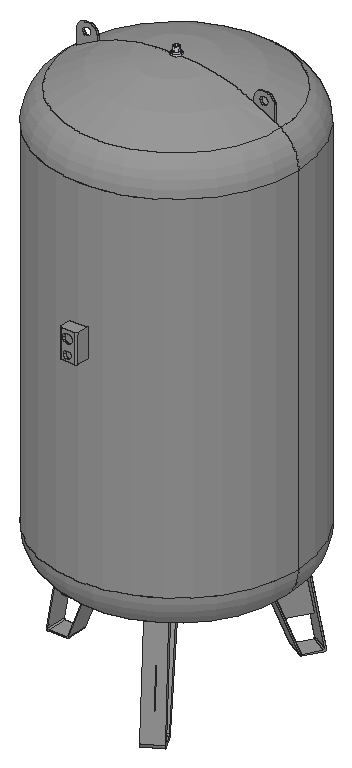
Revit family "WRV 3000", category Оборудование, Revit 2014
Parameters
  Описание = "Мембранный бак для отопления V=3000л, Py=10бар, 2 1/2\""
  Материал = Красная краска
  Масса кг = "550"
  Комментарии к типоразмеру = "WRV 3000"
  Изготовитель = "WESTER"  # constant formula
  URL = "http://www.wester.su/"
Reference planes
  plane 1 "По центру (Вперед/Назад)": y = 0
  plane 2: z = 0
  plane 3 "По центру (Влево/Вправо)": x = 0
Forms (mm)
  Revolve 1, solid, material "Красная краска" <- "Материал"
    sketch origin (161.5, 0, 805.958) x (0, 0, 1) y (-1, 0, 0)
      loop
        line (-425.943, 161.5) -> (1919.057, 161.5)
        arc (1919.057, 161.5) -> (1881.186, 429.145) -> (1770.084, 675.568) r 958.356
        arc (1770.084, 675.568) -> (1702.97, 738.608) -> (1613.786, 761.51) r 185.097
        line (1613.786, 761.51) -> (-139.973, 761.51)
        arc (-139.973, 761.51) -> (-229.129, 738.616) -> (-296.224, 675.599) r 185.046
        arc (-296.224, 675.599) -> (-375.755, 520.718) -> (-425.943, 354) r 958.052
        line (-425.943, 354) -> (-425.943, 161.5)
      axis (-425.943, 161.5) -> (1919.057, 161.5)
    angle from 0 to 360
  Revolve 2, solid, material "Красная краска" <- "Материал"
    sketch origin (0, 0, 619.543) x (-1, 0, 0) y (0, 0, -1)
      loop
        line (0, 239.527) -> (192.5, 239.527) -> (192.5, 254.559) -> (166.016, 254.559) -> (166.016, 262.543) -> (192.5, 262.543) -> (192.5, 274.559) -> (40.592, 274.559) -> (40.592, 324.559) -> (36.068, 324.559) -> (36.068, 274.516) -> (0, 274.516) -> (0, 239.527)
      axis (0, 324.559) -> (0, 239.527)
    angle from 0 to 360
  Revolve 3, solid
    sketch origin (0, 0, 2073.511) x (1, 0, 0) y (0, 0, 1)
      loop
        line (-13.204, 684.49) -> (-13.204, 663) -> (-18.475, 663) -> (-18.475, 656.503) -> (-23.985, 656.503) -> (-23.985, 651.489) -> (0, 651.489) -> (0, 653.751) -> (-7.729, 653.751) -> (-9.298, 655.32) -> (-9.298, 686.489) -> (-11.205, 686.489) -> (-13.204, 684.49)
      axis (0, 686.489) -> (0, 651.489)
    angle from 0 to 360
  Extrusion 4, solid, material "Красная краска" <- "Материал"
    sketch origin (0, -96.875, 0) x (1, 0, 0) y (0, 1, 0)
      loop
        line (42.5, -557.824) -> (42.5, -492.347) -> (-42.5, -492.347) -> (-42.5, -557.824)
        arc (-42.5, -557.824) -> (-39.571, -564.895) -> (-32.5, -567.824) r 10
        line (-32.5, -567.824) -> (32.5, -567.824)
        arc (32.5, -567.824) -> (39.571, -564.895) -> (42.5, -557.824) r 10
    from 1660 to 1798
  Extrusion 5, void
    sketch origin (0, 0, 620) x (1, 0, 0) y (0, 0, 1)
      loop
        circle (0, 1139.927) r 25
      loop
        circle (0, 1069.302) r 20
    from 655 to 665
  Extrusion 6, solid, material "Красная краска" <- "Материал"
    sketch origin (0, 0, 0) x (1, 0, 0) y (0, 0, 1)
      loop
        line (-326.573, 419.006) -> (-332.163, 421.187) -> (-492.61, 9.82)
        arc (-492.61, 9.82) -> (-494.815, 7.046) -> (-498.2, 6) r 6
        line (-498.2, 6) -> (-585.59, 6)
        arc (-585.59, 6) -> (-590.201, 8.16) -> (-591.491, 13.086) r 6
        line (-591.491, 13.086) -> (-501.269, 503.293) -> (-506.747, 506.679) -> (-597.392, 14.172)
        arc (-597.392, 14.172) -> (-594.811, 4.321) -> (-585.59, 0) r 12
        line (-585.59, 0) -> (-498.2, 0)
        arc (-498.2, 0) -> (-491.43, 2.092) -> (-487.02, 7.64) r 12
        line (-487.02, 7.64) -> (-326.573, 419.006)
    from -50 to 50
  Extrusion 7, solid, material "Красная краска" <- "Материал"
    sketch origin (0, 0, 220) x (1, 0, 0) y (0, 0, 1)
      loop
        line (385, 2350) -> (485, 2350) -> (485, 2450)
        arc (485, 2450) -> (473.284, 2478.284) -> (445, 2490) r 40
        line (445, 2490) -> (425, 2490)
        arc (425, 2490) -> (396.716, 2478.284) -> (385, 2450) r 40
        line (385, 2450) -> (385, 2350)
      loop
        circle (434.904, 2450) r 20
      loop
        line (-385, 2350) -> (-385, 2450)
        arc (-385, 2450) -> (-396.716, 2478.284) -> (-425, 2490) r 40
        line (-425, 2490) -> (-445, 2490)
        arc (-445, 2490) -> (-473.284, 2478.284) -> (-485, 2450) r 40
        line (-485, 2450) -> (-485, 2350) -> (-385, 2350)
      loop
        circle (-434.904, 2450) r 20
    from -3.5 to 3.5
  Extrusion 8, solid, material "Красная краска" <- "Материал"
    sketch origin (0, 0, 0) x (1, 0, 0) y (0, 0, 1)
      loop
        line (-529.482, 350) -> (-566.292, 150) -> (-437.935, 150) -> (-359.928, 350) -> (-529.482, 350)
    from -3 to 3
  Extrusion 9, solid, material "Красная краска" <- "Материал"
    sketch origin (-0.005, -0.008, 0) x (-0.5, -0.866025, 0) y (0, 0, 1)
      loop
        line (-326.573, 419.006) -> (-332.163, 421.187) -> (-492.61, 9.82)
        arc (-492.61, 9.82) -> (-494.815, 7.046) -> (-498.2, 6) r 6
        line (-498.2, 6) -> (-585.59, 6)
        arc (-585.59, 6) -> (-590.201, 8.16) -> (-591.491, 13.086) r 6
        line (-591.491, 13.086) -> (-501.269, 503.293) -> (-506.747, 506.679) -> (-597.392, 14.172)
        arc (-597.392, 14.172) -> (-594.811, 4.321) -> (-585.59, 0) r 12
        line (-585.59, 0) -> (-498.2, 0)
        arc (-498.2, 0) -> (-491.43, 2.092) -> (-487.02, 7.64) r 12
        line (-487.02, 7.64) -> (-326.573, 419.006)
    from -50 to 50
  Extrusion 10, solid, material "Красная краска" <- "Материал"
    sketch origin (0.023, -0.04, 0) x (-0.5, 0.866025, 0) y (0, 0, 1)
      loop
        line (-326.573, 419.006) -> (-332.163, 421.187) -> (-492.61, 9.82)
        arc (-492.61, 9.82) -> (-494.815, 7.046) -> (-498.2, 6) r 6
        line (-498.2, 6) -> (-585.59, 6)
        arc (-585.59, 6) -> (-590.201, 8.16) -> (-591.491, 13.086) r 6
        line (-591.491, 13.086) -> (-501.269, 503.293) -> (-506.747, 506.679) -> (-597.392, 14.172)
        arc (-597.392, 14.172) -> (-594.811, 4.321) -> (-585.59, 0) r 12
        line (-585.59, 0) -> (-498.2, 0)
        arc (-498.2, 0) -> (-491.43, 2.092) -> (-487.02, 7.64) r 12
        line (-487.02, 7.64) -> (-326.573, 419.006)
    from -50 to 50
  Extrusion 11, solid, material "Красная краска" <- "Материал"
    sketch origin (0.002, 0.003, 0) x (-0.5, -0.866025, 0) y (0, 0, 1)
      loop
        line (-529.482, 350) -> (-566.292, 150) -> (-437.935, 150) -> (-359.928, 350) -> (-529.482, 350)
    from -3 to 3
  Extrusion 12, solid, material "Красная краска" <- "Материал"
    sketch origin (0.005, -0.008, 0) x (-0.5, 0.866025, 0) y (0, 0, 1)
      loop
        line (-529.482, 350) -> (-566.292, 150) -> (-437.935, 150) -> (-359.928, 350) -> (-529.482, 350)
    from -3 to 3
Cuts and joins
  Extrusion 5 cuts Extrusion 4
  joined: Revolve 1, Extrusion 4, Extrusion 7
  joined: Extrusion 6, Extrusion 8
  joined: Extrusion 10, Extrusion 12
  joined: Extrusion 9, Extrusion 11
Dimensions and locks
  aligned and locked: level to plane 2
Nested families
  nested 1: "Болт" at (0, -136.109, 344.984) x (0, 1, 0) z (0, 0, -1), type "Болт"
  nested 2: "Болт" at (-96.296, -96.14, 344.984) x (-0.2588, 0.9659, 0) z (0, 0, -1), type "Болт"
  nested 3: "Болт" at (-136.094, 0, 344.984) x (1, 0, 0) z (0, 0, -1), type "Болт"
  nested 4: "Болт" at (96.149, 96.195, 344.984) x (-0.2588, 0.9659, 0) z (0, 0, -1), type "Болт"
  nested 5: "Болт" at (-96.187, 96.221, 344.984) x (0.2588, 0.9659, 0) z (0, 0, -1), type "Болт"
  nested 6: "Болт" at (96.287, -96.207, 344.984) x (0.9659, 0.2588, 0) z (0, 0, -1), type "Болт"
  nested 7: "Болт" at (136.094, 0, 344.984) x (-1, 0, 0) z (0, 0, -1), type "Болт"
  nested 8: "Болт" at (0, 136.109, 344.984) x (0, -1, 0) z (0, 0, -1), type "Болт"
Connectors
  piping at (0, 0, 294.984), diameter 65
    settings: on Revolve 2, index 1, connector inside diameter 609.6 mm, connector length 0 mm, flow factor 0, pipe flow 0.0 L/s, pressure drop 0.0 Pa, fitting loss kfactor 0, connector angle 0.00°, fixture units 0, engagement length 0 mm, angle of deflection 0.00°, flow configuration 1, flow direction 0, fitting loss method 0, system type 29, joint type 0, gender type 0, connector reference index -1, connector utility 0, adjustable connector no, is connector primary yes, connector description ""
Definition of nested family "Болт"
  Parameters (values of type "Болт")
    Default Elevation = 1219.2 mm
    L [instance] = 30 mm
  Reference planes
    plane 1 "По центру (Вперед/Назад)": y = 0
    plane 2: z = 0
    plane 3 "По центру (Влево/Вправо)": x = 0
    plane 4: z = -30
  Forms (mm)
    Extrusion 1, solid
      sketch origin (0, 0, 0) x (1, 0, 0) y (0, 1, 0)
        loop
          line (-1219.2, 1219.2) -> (-1219.2, -1219.2) -> (1219.2, -1219.2) -> (1219.2, 1219.2) -> (-1219.2, 1219.2)
      from 0 to -304.8
    Extrusion 2, solid, detail levels medium+fine
      sketch origin (0, 0, 0) x (0, 1, 0) y (-1, 0, 0)
        loop
          line (-6.5, -3.753) -> (0, -7.506) -> (6.5, -3.753) -> (6.5, 3.753) -> (0, 7.506) -> (-6.5, 3.753) -> (-6.5, -3.753)
      from 0 to 5.3
    Extrusion 3, solid, detail levels medium+fine
      sketch origin (0, 0, 0) x (1, 0, 0) y (0, 1, 0)
        loop
          circle (0, 0) r 4
      from -30 to 0
    Revolve 4, void
      sketch origin (0, 0, 0) x (1, 0, 0) y (0, 0, 1)
        loop
          line (-7.506, 4.447) -> (-6.413, 5.3) -> (-7.506, 5.3) -> (-7.506, 4.447)
        axis (0, 5.3) -> (0, 4.3)
      angle from 0 to 360
    Revolve 5, void
      sketch origin (0, 0, -51.56) x (1, 0, 0) y (0, 0, 1)
        loop
          line (-4, 21.56) -> (-2.365, 21.56) -> (-4, 23.195) -> (-4, 21.56)
        axis (0, 23.195) -> (0, 21.56)
      angle from 0 to 360
  Cuts and joins
    Revolve 4 cuts Extrusion 2
    Revolve 5 cuts Extrusion 3
    joined: Extrusion 2, Extrusion 3
  Dimensions and locks
    Extrusion 1 to cut or joined group of Extrusion 2, Extrusion 3, Revolve 4, Revolve 5 = 30 mm
    "L": level to plane 4
    locked: Revolve 5 sketch curve to plane 4 at 1.635
    aligned and locked: plane 2 to Extrusion 1
    aligned and locked: level to Extrusion 1
    aligned and locked: Revolve 4 sketch curve to plane 3 "По центру (Влево/Вправо)"
    aligned and locked: cut or joined group of Extrusion 2, Extrusion 3, Revolve 4, Revolve 5 to Revolve 4 sketch curve
    aligned and locked: Extrusion 3 to plane 4
    aligned and locked: cut or joined group of Extrusion 2, Extrusion 3, Revolve 4, Revolve 5 to plane 4
  Automatic sketch dimensions
    Extrusion 1 sketch curve to Extrusion 1 sketch curve = 2438.4 mm  (x2)
    plane 1 "По центру (Вперед/Назад)" to Extrusion 2 sketch curve = 0 mm  (x2)
    plane 1 "По центру (Вперед/Назад)" to Extrusion 2 sketch curve = 6.5 mm
    Extrusion 2 sketch curve to plane 1 "По центру (Вперед/Назад)" = 6.5 mm
    plane 3 "По центру (Влево/Вправо)" to Extrusion 2 sketch curve = 7.506 mm
    plane 3 "По центру (Влево/Вправо)" to Extrusion 2 sketch curve = 3.753 mm  (x2)
    Extrusion 2 sketch curve to plane 3 "По центру (Влево/Вправо)" = 3.753 mm  (x2)
    Extrusion 2 sketch curve to plane 3 "По центру (Влево/Вправо)" = 7.506 mm
    plane 1 "По центру (Вперед/Назад)" to Extrusion 3 sketch curve = 0 mm
    Extrusion 3 sketch curve to plane 3 "По центру (Влево/Вправо)" = 0 mm
    Revolve 4 sketch curve to plane 3 "По центру (Влево/Вправо)" = 6.413 mm
    Revolve 4 sketch curve to Revolve 4 sketch curve = 1.092 mm
    Revolve 4 sketch curve to Revolve 4 sketch curve = 0.853 mm
    Revolve 4 sketch curve to plane 4 = 544.04 mm
    Revolve 4 sketch curve to Revolve 4 sketch curve = 2603.758 mm
    plane 3 "По центру (Влево/Вправо)" to Revolve 5 sketch curve = 0 mm
    Revolve 5 sketch curve to plane 3 "По центру (Влево/Вправо)" = 2.365 mm
    Revolve 5 sketch curve to Revolve 5 sketch curve = 1.635 mm  (x2)
    Revolve 5 sketch curve to plane 4 = 595.6 mm
    level to Revolve 5 sketch curve = 2557.498 mm
    radius of Extrusion 3 sketch curve = 4 mm
